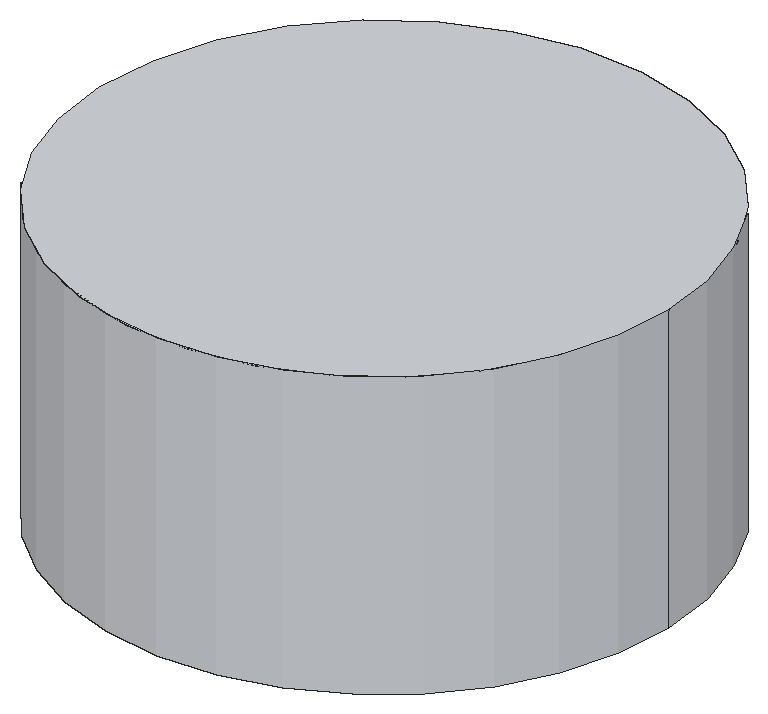
Revit family "08756000", category Specialty Equipment, Revit 2023
Family settings
  Round Connector Dimension = Use Diameter
  Part Type = Normal
  OmniClass Number = 23.40.40.00
  OmniClass Title = Food Service Equipment and Furnishings
  Work Plane-Based = No
  Enable Cutting in Views = Yes
  Always vertical = Yes
  Cut with Voids When Loaded = No
  Maintain Annotation Orientation = No
  Shared = No
  Room Calculation Point = No
Parameters (values of type "Standard")
  URL = "https://www.rustfriebergh.no/produkter/vannbad-varmeskap-varmeri/rbvp-st%C3%A5l"
  Model = "08756000"
  Manufacturer = "Rustfriebergh AS"
  Description = "RBVP-Stål-6GN"
  Default Elevation = 0 mm
Reference planes
  plane 1 "Center (Front/Back)": y = 0
  plane 2: z = 0
  plane 3 "Center (Left/Right)": x = 0
Forms (mm)
  Extrusion 1, solid
    sketch origin (200.141, -369.943, -339.25) x (1, 0, 0) y (0, 1, 0)
      loop
        circle (0, 0) r 3.048
    from 0 to -3.048
Dimensions and locks
  aligned and locked: level to plane 2
Connectors
  electrical at (200.141, -369.943, -339.25)
    settings: on Extrusion 1, index 1, voltage 230 V, apparent load 2400 VA, apparent load phase1 0 VA, apparent load phase2 0 VA, apparent load phase3 0 VA, power factor 0, load classification "Other", number of poles 1, system type 30, power factor state 1, is connector primary yes, connector utility no, sub classification motor no, connector description "Tilførselskabel"
